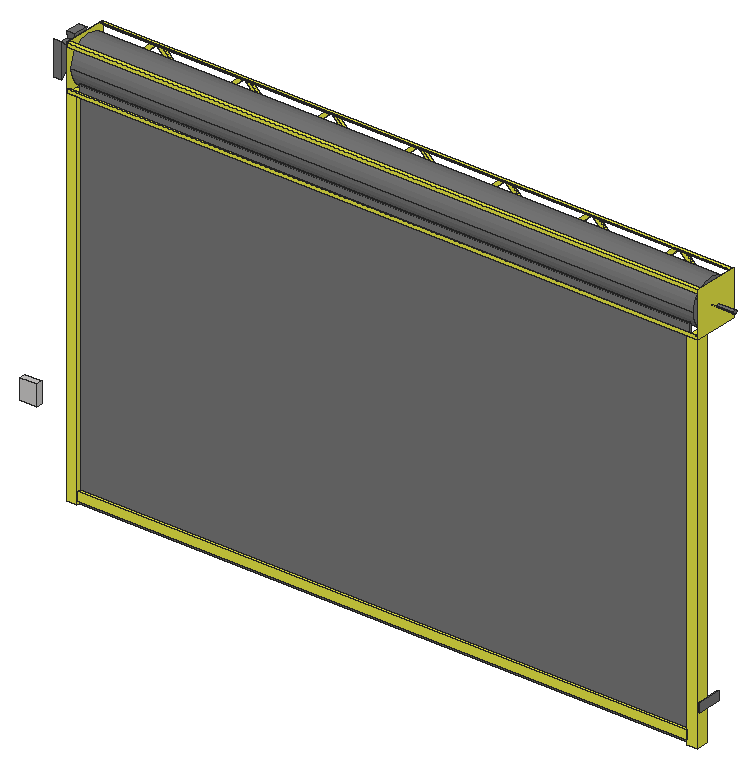
Revit family "CHI_Overhead_MaxSpeed1000_300x180", category Doors, host Wall, Revit 2026
Family settings
  Host = Wall
  Classification Number = 23.30.10.00
  Always vertical = Yes
  Cut with Voids When Loaded = No
  Shared = No
  Room Calculation Point = No
Parameters
  URL = "https://performaxglobal.com/wp-content/uploads/2018/12/MaxSpeed-Brochure.pdf"
  Specification = "https://www.arcat.com/company/c-h-i--overhead-doors-43804/spec"
  SpecWizard = ""
  Sales Information = "https://performaxglobal.com/contact/"
  Product Data = "https://performaxglobal.com/maxspeed/"
  Overall Width = Width + 0' 10"  # 25' - 10"
  Overall Height = Height + 1' 8"  # 16' - 8"
  Model = "MaxSpeed 1000"
  Manufacturer Website = "https://www.chiohd.com/"
  Manufacturer Phone - Toll Free = "800-590-0559"
  Manufacturer Phone = ""
  Manufacturer Fax = "217-543-4454"
  Manufacturer Email = "info@performaxglobal.com"
  Manufacturer Address = "1485 Sunrise Dr., Arthur, IL 61911"
  Manufacturer = "C.H.I. Overhead Doors"
  Installation-Fabrication = "https://performaxglobal.com/wp-content/uploads/2017/06/MaxSpeed-InstallationManual-Web.pdf"
  Green Building-LEED = ""
  Function = Interior
  Frame Projection Ext. = 0' - 0.98425"
  Frame Projection Int. = 0' - 0.98425"
  Frame Width = 0' - 2.95276"
  Height = 15' - 0"
  Wall Closure = By host
  Width = 25' - 0"
  Description = ""
  Construction Details = "https://www.arcat.com/company/c-h-i--overhead-doors-43804/cad"
  Braces = Width / 3' 6"  # 7
  Assembly Code = ""
Reference planes (in)
  plane 1: y = 0
  plane 2 "Center (Left/Right)": x = 0
  plane 3 "Left": x = -150
  plane 4 "Right": x = 150
  plane 5: z = 180
  plane 6 "Exterior": y = 2.95276
  plane 7 "Interior": y = -2.95276
  plane 8: x = 155
  plane 9: x = -155
  plane 10: x = -155.5
  plane 11: y = 8.95276
  plane 12: z = 200
  plane 13: x = 156
  plane 14: x = 149
  plane 15: x = -149
Forms (in)
  Extrusion 1, solid, material "Frame"
    sketch origin (0, 0, 0) x (1, 0, 0) y (0, 1, 0)
      loop
        line (150, 8.95276) -> (150, 2.95276) -> (155, 2.95276) -> (155, 8.95276) -> (150, 8.95276)
    from 0 to 180
  Extrusion 2, solid, material "Frame"
    sketch origin (0, 0, 0) x (-1, 0, 0) y (0, -1, 0)
      loop
        line (150, -8.95276) -> (155, -8.95276) -> (155, -2.95276) -> (150, -2.95276) -> (150, -8.95276)
    from 0 to 180
  Extrusion 3, solid, material "Steel, Paint Finish, Dark Gray, Matte"
    sketch origin (0, 5.20276, 0) x (1, 0, 0) y (0, 0, 1)
      loop
        line (150, 187.5) -> (-150, 187.5) -> (-150, 0) -> (150, 0) -> (150, 187.5)
    from 0 to 0.5
  Extrusion 4, solid, material "Frame"
    sketch origin (0, 0, 0) x (0, 1, 0) y (0, 0, 1)
      loop
        line (8.95276, 2) -> (8.95276, 6.19937) -> (2.95276, 6.19937) -> (2.95276, 2) -> (8.95276, 2)
    from -150 to 150
  Extrusion 5, solid, material "Steel, Paint Finish, Dark Gray, Matte"
    sketch origin (-196.85039, 2.95276, 1.25) x (-1, 0, 0) y (0, 0, 1)
      loop
        line (-352.85039, 19) -> (-352.85039, 14.9559) -> (-351.85039, 14.9559) -> (-351.85039, 19) -> (-352.85039, 19)
    from 0 to 12
  Extrusion 6, solid, material "Steel, Wrought"
    sketch origin (0, 5.375, 0) x (0, 1, 0) y (0, 0, 1)
      loop
        line (0, 53.79309) -> (0, 48.79309) -> (0.61854, 48.79309) -> (0.61854, 53.79309) -> (0, 53.79309)
    from -149 to 149
  Extrusion 7, solid, material "Frame"
    sketch origin (-26.57843, 24.95276, 202) x (1, 0, 0) y (0, 0, -1)
      loop
        line (155.25, 1.75) -> (158.07843, 1.75) -> (176.57843, 20.25) -> (173.75, 20.25) -> (155.25, 1.75)
      loop
        line (154.75, 1.75) -> (136.25, 20.25) -> (133.42157, 20.25) -> (151.92157, 1.75) -> (154.75, 1.75)
    from 0 to 1
  Extrusion 8, solid, material "Frame"
    sketch origin (-283.42157, 24.95276, 202) x (1, 0, 0) y (0, 0, -1)
      loop
        line (155.25, 1.75) -> (158.07843, 1.75) -> (176.57843, 20.25) -> (173.75, 20.25) -> (155.25, 1.75)
      loop
        line (154.75, 1.75) -> (136.25, 20.25) -> (133.42157, 20.25) -> (151.92157, 1.75) -> (154.75, 1.75)
    from 0 to 1
  Extrusion 9, solid, material "Frame"
    sketch origin (-69.38562, 24.95276, 202) x (1, 0, 0) y (0, 0, -1)
      loop
        line (155.25, 1.75) -> (158.07843, 1.75) -> (176.57843, 20.25) -> (173.75, 20.25) -> (155.25, 1.75)
      loop
        line (154.75, 1.75) -> (136.25, 20.25) -> (133.42157, 20.25) -> (151.92157, 1.75) -> (154.75, 1.75)
    from 0 to 1
  Extrusion 10, solid, material "Frame"
    sketch origin (-112.19281, 24.95276, 202) x (1, 0, 0) y (0, 0, -1)
      loop
        line (155.25, 1.75) -> (158.07843, 1.75) -> (176.57843, 20.25) -> (173.75, 20.25) -> (155.25, 1.75)
      loop
        line (154.75, 1.75) -> (136.25, 20.25) -> (133.42157, 20.25) -> (151.92157, 1.75) -> (154.75, 1.75)
    from 0 to 1
  Extrusion 11, solid, material "Frame"
    sketch origin (-155, 24.95276, 202) x (1, 0, 0) y (0, 0, -1)
      loop
        line (155.25, 1.75) -> (158.07843, 1.75) -> (176.57843, 20.25) -> (173.75, 20.25) -> (155.25, 1.75)
      loop
        line (154.75, 1.75) -> (136.25, 20.25) -> (133.42157, 20.25) -> (151.92157, 1.75) -> (154.75, 1.75)
    from 0 to 1
  Extrusion 12, solid, material "Frame"
    sketch origin (-197.80719, 24.95276, 202) x (1, 0, 0) y (0, 0, -1)
      loop
        line (155.25, 1.75) -> (158.07843, 1.75) -> (176.57843, 20.25) -> (173.75, 20.25) -> (155.25, 1.75)
      loop
        line (154.75, 1.75) -> (136.25, 20.25) -> (133.42157, 20.25) -> (151.92157, 1.75) -> (154.75, 1.75)
    from 0 to 1
  Extrusion 13, solid, material "Frame"
    sketch origin (-240.61438, 24.95276, 202) x (1, 0, 0) y (0, 0, -1)
      loop
        line (155.25, 1.75) -> (158.07843, 1.75) -> (176.57843, 20.25) -> (173.75, 20.25) -> (155.25, 1.75)
      loop
        line (154.75, 1.75) -> (136.25, 20.25) -> (133.42157, 20.25) -> (151.92157, 1.75) -> (154.75, 1.75)
    from 0 to 1
Lines and regions (in)
  Opening 1
    outline origin (-120.07874, -2.95276, 0) x (1, 0, 0) y (0, 0, 1)
      loop
        line (-29.92126, 0) -> (270.07874, 0) -> (270.07874, 180) -> (-29.92126, 180) -> (-29.92126, 0)
  symbolic lines, style "Elevation Swing"
    curve 1: line (150, -2.95276, 90) -> (-150, -2.95276, 180)
    curve 2: line (150, -2.95276, 90) -> (-150, -2.95276, 0)
Text (in)
  text "Exterior" at (-90.35496, 43.28909, 0), in view "Ref. Level"
  text "Exterior" at (0, 63.59764, 145.59372), in view "Left"
  text "Exterior" at (0, 40.78868, 152.55637), in view "Right"
Dimensions and locks (in)
  equal spacing: plane 3 "Left", plane 2 "Center (Left/Right)", plane 4 "Right"
  "Width": plane 3 "Left" to plane 4 "Right"
  "Height": plane 5 to host wall
  equal spacing: host wall, curve 2, plane 5
  host wall to plane 5 = 15' - 0"
  locked: plane 6 "Exterior" to host wall at 0
  locked: plane 7 "Interior" to host wall
  locked: plane 4 "Right" to plane 8 at 5
  locked: plane 9 to plane 3 "Left" at 5
  locked: plane 9 to plane 10 at 0.5
  plane 6 "Exterior" to plane 11 = 0' - 6"
  "Overall Height": level to plane 12
  locked: plane 9 to nested 2 at 15.01817
  Extrusion 2 to nested 1 = 1' - 2.76583"
  locked: plane 8 to plane 13 at 1
  locked: plane 14 to plane 4 "Right" at 1
  locked: plane 3 "Left" to plane 15 at 1
  equal spacing: group 2, group 7, group 6, group 5, group 4, group 3, group 1
  equal spacing: group 1, group 3, group 4, group 5, group 6, group 7, group 2  (x2)
  aligned and locked: plane 3 "Left" to Opening 1 sketch curve
  aligned and locked: plane 5 to Opening 1 sketch curve
  aligned and locked: Opening 1 sketch curve to plane 5
  aligned and locked: Opening 1 sketch curve to plane 4 "Right"
  aligned and locked: Opening 1 sketch curve to level
  aligned and locked: curve 1 to plane 5
  aligned and locked: plane 3 "Left" to curve 2
  aligned and locked: host wall to plane 1
  aligned and locked: plane 3 "Left" to curve 1
  aligned and locked: plane 8 to Extrusion 1 sketch curve
  aligned and locked: Extrusion 1 sketch curve to plane 4 "Right"
  aligned and locked: plane 5 to Extrusion 1
  aligned and locked: Extrusion 2 sketch curve to plane 3 "Left"
  aligned and locked: Extrusion 2 sketch curve to plane 9
  aligned and locked: Extrusion 2 to plane 5
  aligned and locked: plane 11 to Extrusion 1
  aligned and locked: Extrusion 2 to Extrusion 1
  aligned and locked: plane 3 "Left" to Extrusion 4
  aligned and locked: Extrusion 4 to plane 4 "Right"
  aligned and locked: nested 1 to plane 2 "Center (Left/Right)"
  aligned and locked: nested 1 to plane 6 "Exterior"
  aligned and locked: nested 1 to plane 5
  aligned and locked: plane 13 to Extrusion 5 sketch curve
  aligned and locked: Extrusion 5 sketch curve to plane 8
  aligned and locked: Extrusion 6 to plane 14
  aligned and locked: plane 15 to Extrusion 6
  aligned and locked: plane 4 "Right" to Extrusion 7
  aligned and locked: plane 3 "Left" to Extrusion 8
Automatic sketch dimensions
  curve 2 to level = 0' - 0"
  plane 4 "Right" to curve 2 = 0' - 0"
  Extrusion 1 sketch curve to host wall = 0' - 0"
  Extrusion 1 sketch curve to plane 11 = 0' - 0"
  Extrusion 2 sketch curve to host wall = 0' - 0"
  Extrusion 2 sketch curve to plane 11 = 0' - 0"
  plane 3 "Left" to Extrusion 3 sketch curve = 0' - 0"
  Extrusion 3 sketch curve to level = 0' - 0"
  plane 4 "Right" to Extrusion 3 sketch curve = 0' - 0"
  Extrusion 3 sketch curve to plane 5 = 0' - 7 1/2"
  Extrusion 4 sketch curve to host wall = 0' - 0"
  Extrusion 4 sketch curve to plane 11 = 0' - 0"
  level to Extrusion 4 sketch curve = 0' - 2"
  Extrusion 4 sketch curve to Extrusion 4 sketch curve = 0' - 4.19937"
  level to Extrusion 5 sketch curve = 1' - 4.2059"
  Extrusion 5 sketch curve to Extrusion 5 sketch curve = 0' - 4.0441"
  Extrusion 6 sketch curve to host wall = 0' - 5 3/8"
  Extrusion 6 sketch curve to host wall = 0' - 5.99354"
  level to Extrusion 6 sketch curve = 4' - 0.79309"
  Extrusion 6 sketch curve to Extrusion 6 sketch curve = 0' - 5"
  Extrusion 7 sketch curve to Extrusion 7 sketch curve = 0' - 3.32843"
  Extrusion 7 sketch curve to Extrusion 7 sketch curve = 1' - 3.67157"  (x2)
  Extrusion 7 sketch curve to Extrusion 7 sketch curve = 0' - 2.82843"  (x3)
  Extrusion 7 sketch curve to Extrusion 7 sketch curve = 0' - 0 1/2"
  Extrusion 7 sketch curve to Extrusion 7 sketch curve = 0' - 0"
  Extrusion 7 sketch curve to Extrusion 7 sketch curve = 1' - 6 1/2"  (x2)
  Extrusion 8 sketch curve to Extrusion 8 sketch curve = 0' - 3.32843"
  Extrusion 8 sketch curve to Extrusion 8 sketch curve = 1' - 3.67157"  (x2)
  Extrusion 8 sketch curve to Extrusion 8 sketch curve = 0' - 2.82843"  (x3)
  Extrusion 8 sketch curve to Extrusion 8 sketch curve = 0' - 0 1/2"
  Extrusion 8 sketch curve to Extrusion 8 sketch curve = 0' - 0"
  Extrusion 8 sketch curve to Extrusion 8 sketch curve = 1' - 6 1/2"  (x2)
  Extrusion 9 sketch curve to Extrusion 9 sketch curve = 0' - 3.32843"
  Extrusion 9 sketch curve to Extrusion 9 sketch curve = 1' - 3.67157"  (x2)
  Extrusion 9 sketch curve to Extrusion 9 sketch curve = 0' - 2.82843"  (x3)
  Extrusion 9 sketch curve to Extrusion 9 sketch curve = 0' - 0 1/2"
  Extrusion 9 sketch curve to Extrusion 9 sketch curve = 0' - 0"
  Extrusion 9 sketch curve to Extrusion 9 sketch curve = 1' - 6 1/2"  (x2)
  Extrusion 10 sketch curve to Extrusion 10 sketch curve = 0' - 3.32843"
  Extrusion 10 sketch curve to Extrusion 10 sketch curve = 1' - 3.67157"  (x2)
  Extrusion 10 sketch curve to Extrusion 10 sketch curve = 0' - 2.82843"  (x3)
  Extrusion 10 sketch curve to Extrusion 10 sketch curve = 0' - 0 1/2"
  Extrusion 10 sketch curve to Extrusion 10 sketch curve = 0' - 0"
  Extrusion 10 sketch curve to Extrusion 10 sketch curve = 1' - 6 1/2"  (x2)
  Extrusion 11 sketch curve to Extrusion 11 sketch curve = 0' - 3.32843"
  Extrusion 11 sketch curve to Extrusion 11 sketch curve = 1' - 3.67157"  (x2)
  Extrusion 11 sketch curve to Extrusion 11 sketch curve = 0' - 2.82843"  (x3)
  Extrusion 11 sketch curve to Extrusion 11 sketch curve = 0' - 0 1/2"
  Extrusion 11 sketch curve to Extrusion 11 sketch curve = 0' - 0"
  Extrusion 11 sketch curve to Extrusion 11 sketch curve = 1' - 6 1/2"  (x2)
  Extrusion 12 sketch curve to Extrusion 12 sketch curve = 0' - 3.32843"
  Extrusion 12 sketch curve to Extrusion 12 sketch curve = 1' - 3.67157"  (x2)
  Extrusion 12 sketch curve to Extrusion 12 sketch curve = 0' - 2.82843"  (x3)
  Extrusion 12 sketch curve to Extrusion 12 sketch curve = 0' - 0 1/2"
  Extrusion 12 sketch curve to Extrusion 12 sketch curve = 0' - 0"
  Extrusion 12 sketch curve to Extrusion 12 sketch curve = 1' - 6 1/2"  (x2)
  Extrusion 13 sketch curve to Extrusion 13 sketch curve = 0' - 3.32843"
  Extrusion 13 sketch curve to Extrusion 13 sketch curve = 1' - 3.67157"  (x2)
  Extrusion 13 sketch curve to Extrusion 13 sketch curve = 0' - 2.82843"  (x3)
  Extrusion 13 sketch curve to Extrusion 13 sketch curve = 0' - 0 1/2"
  Extrusion 13 sketch curve to Extrusion 13 sketch curve = 0' - 0"
  Extrusion 13 sketch curve to Extrusion 13 sketch curve = 1' - 6 1/2"  (x2)
Nested families (in)
  nested 1: "300x 180 Shutter Head" at (0, 24.95276, 180) x (-1, 0, 0) z (0, 0, 1), type "300x 180 Shutter Head"
    with Overall Width 25' - 10"
  nested 2: "Control Panel" at (-170.01817, 0, 36.3858) x (-1, 0, 0) z (0, 0, 1), type "Control Panel"
Definition of nested family "300x 180 Shutter Head"
  Parameters (values of type "300x 180 Shutter Head")
    Overall Width = 20' - 3.47358"
    Default Elevation = 0' - 0"
  Reference planes (in)
    plane 1 "Center (Front/Back)": y = 0
    plane 2: z = 0
    plane 3 "Center (Left/Right)": x = 0
    plane 4: z = 22
    plane 5: y = 22
    plane 6: x = 121.73679
    plane 7: x = -121.73679
    plane 8: x = 119.73679
    plane 9: x = -119.73679
    plane 10: x = -121.98679
    plane 11: x = 121.98679
    plane 12: x = 127.73679
    plane 13: x = 120.98679
    plane 14: z = 7.5
    plane 15: x = -130.73679
    plane 16: x = -120.98679
  Forms (in)
    Extrusion 1, solid
      sketch origin (0, 0, 0) x (1, 0, 0) y (0, 0, 1)
        loop
          line (-121.98679, 22) -> (-121.98679, 0) -> (-121.73679, 0) -> (-121.73679, 22) -> (-121.98679, 22)
      from 0 to -22
    Extrusion 2, solid
      sketch origin (0, 0, 0) x (1, 0, 0) y (0, 0, 1)
        loop
          line (121.73679, 22) -> (121.73679, 0) -> (121.98679, 0) -> (121.98679, 22) -> (121.73679, 22)
      from 0 to -22
    Extrusion 3, solid
      sketch origin (0, 0, 0) x (0, 1, 0) y (0, 0, 1)
        loop
          line (22, 22) -> (20.25, 22) -> (20.25, 21.75) -> (21.75, 21.75) -> (21.75, 20.25) -> (22, 20.25) -> (22, 22)
        loop
          line (0, 22) -> (0, 20.25) -> (0.25, 20.25) -> (0.25, 21.75) -> (1.75, 21.75) -> (1.75, 22) -> (0, 22)
        loop
          line (22, 0) -> (22, 1.75) -> (21.75, 1.75) -> (21.75, 0.25) -> (20.25, 0.25) -> (20.25, 0) -> (22, 0)
        loop
          line (0, 0) -> (1.75, 0) -> (1.75, 0.25) -> (0.25, 0.25) -> (0.25, 1.75) -> (0, 1.75) -> (0, 0)
      from -121.73679 to 121.73679
    Extrusion 4, solid
      sketch origin (-63, -5, 2.375) x (0, -1, 0) y (0, 0, 1)
        loop
          circle (-15, 7.63155) r 3.25
      from -184.73679 to -183.98679
    Extrusion 5, solid
      sketch origin (63, -5, 2.5) x (0, -1, 0) y (0, 0, -1)
        loop
          circle (-15, -7.5) r 0.75
      from -193.73679 to -182.73679
    Extrusion 6, solid
      sketch origin (63, -5, 2.375) x (0, -1, 0) y (0, 0, -1)
        loop
          circle (-15, -7.63155) r 3.25
      from -184.73679 to -183.98679
    Extrusion 7, solid
      sketch origin (0, 0, 0) x (0, 1, 0) y (0, 0, 1)
        loop
          circle (11, 11) r 11
      from -119.73679 to 119.73679
  Lines and regions (in)
    model lines
      curve 1: line (0, 11, 22) -> (0, 11, 0)
      curve 2: line (0, 22, 11) -> (0, 0, 11)
  Dimensions and locks (in)
    equal spacing: plane 6, plane 3 "Center (Left/Right)", plane 7
    "Overall Width": plane 6 to plane 7
    locked: plane 9 to plane 7 at 2
    locked: plane 6 to plane 8 at 2
    locked: plane 7 to plane 10 at 0.25
    locked: plane 6 to plane 11 at 0.25
    locked: plane 12 to plane 6 at 6
    locked: plane 6 to plane 13 at 0.75
    locked: plane 15 to plane 9 at 11
    locked: plane 16 to plane 7 at 0.75
    plane 1 "Center (Front/Back)" to plane 5 = 1' - 10"
    plane 4 to level = 1' - 10"
    aligned and locked: level to plane 2
    aligned and locked: Extrusion 1 sketch curve to plane 7
    aligned and locked: plane 10 to Extrusion 1 sketch curve
    aligned and locked: plane 5 to Extrusion 1
    aligned and locked: plane 1 "Center (Front/Back)" to Extrusion 1
    aligned and locked: plane 6 to Extrusion 2 sketch curve
    aligned and locked: plane 11 to Extrusion 2 sketch curve
    aligned and locked: Extrusion 2 to plane 1 "Center (Front/Back)"
    aligned and locked: plane 5 to Extrusion 2
    aligned and locked: plane 6 to Extrusion 3
    aligned and locked: Extrusion 3 to plane 7
    aligned and locked: Extrusion 5 to plane 9
    aligned and locked: Extrusion 5 to plane 15
    aligned and locked: plane 16 to Extrusion 6
    aligned and locked: Extrusion 6 to plane 7
    aligned and locked: plane 8 to nested 1
    aligned and locked: plane 6 to Extrusion 4
    aligned and locked: Extrusion 4 to plane 13
    aligned and locked: plane 8 to Extrusion 7
    aligned and locked: plane 9 to Extrusion 7
  Automatic sketch dimensions
    Extrusion 1 sketch curve to level = 0' - 0"
    Extrusion 1 sketch curve to plane 4 = 0' - 0"
    Extrusion 2 sketch curve to level = 0' - 0"
    Extrusion 2 sketch curve to plane 4 = 0' - 0"
    Extrusion 3 sketch curve to plane 1 "Center (Front/Back)" = 0' - 0"  (x2)
    Extrusion 3 sketch curve to plane 4 = 0' - 0"  (x2)
    Extrusion 3 sketch curve to level = 0' - 0"  (x2)
    Extrusion 3 sketch curve to plane 5 = 0' - 0"  (x2)
    Extrusion 3 sketch curve to plane 1 "Center (Front/Back)" = 0' - 0 1/4"
    Extrusion 3 sketch curve to Extrusion 3 sketch curve = 0' - 0 1/4"  (x2)
    level to Extrusion 3 sketch curve = 0' - 0 1/4"  (x2)
    Extrusion 3 sketch curve to Extrusion 3 sketch curve = 0' - 1 1/2"  (x4)
    Extrusion 3 sketch curve to plane 5 = 0' - 1 3/4"
    Extrusion 3 sketch curve to Extrusion 3 sketch curve = 0' - 1 3/4"  (x2)
    Extrusion 3 sketch curve to plane 5 = 0' - 0 1/4"  (x2)
    Extrusion 3 sketch curve to plane 4 = 0' - 1 3/4"
    Extrusion 3 sketch curve to plane 4 = 0' - 0 1/4"
    Extrusion 4 sketch curve to plane 14 = 0' - 2.50655"
    Extrusion 4 sketch curve to plane 1 "Center (Front/Back)" = 0' - 10"
    Extrusion 5 sketch curve to plane 14 = 0' - 2 1/2"
    Extrusion 5 sketch curve to plane 1 "Center (Front/Back)" = 0' - 10"
    Extrusion 6 sketch curve to plane 14 = 0' - 2.50655"
    Extrusion 6 sketch curve to plane 1 "Center (Front/Back)" = 0' - 10"
    curve 1 to level = 0' - 0"
    curve 1 to plane 4 = 0' - 0"
    curve 2 to plane 4 = 0' - 11"
    plane 1 "Center (Front/Back)" to curve 2 = 0' - 0"
    curve 2 to plane 1 "Center (Front/Back)" = 1' - 10"
    curve 1 to plane 1 "Center (Front/Back)" = 0' - 11"
    Extrusion 7 sketch curve to plane 14 = 0' - 3 1/2"
    Extrusion 7 sketch curve to plane 1 "Center (Front/Back)" = 0' - 11"
    radius of Extrusion 4 sketch curve = 0' - 3 1/4"
    radius of Extrusion 5 sketch curve = 0' - 0 3/4"
    radius of Extrusion 6 sketch curve = 0' - 3 1/4"
    radius of Extrusion 7 sketch curve = 0' - 11"
  Nested families (in)
    nested 1: "192x168 Shutter Machine" at (130.48679, 3.49855, -72.67237) x (-1, 0, 0) z (0, 0, 1), type "192x168 Shutter Machine"
  Definition of nested family "192x168 Shutter Machine"
    Parameters (values of type "192x168 Shutter Machine")
      Default Elevation = 0' - 0"
    Reference planes (in)
      plane 1 "Center (Front/Back)": y = 0
      plane 2: z = 0
      plane 3 "Center (Left/Right)": x = 0
    Forms (in)
      Extrusion 1, solid
        sketch origin (71.02885, 14.99344, 76.17092) x (0, -1, 0) y (-1, 0, 0)
          loop
            line (7.54503, 67.07741) -> (12.45344, 67.07741)
            arc (12.45344, 67.07741) -> (14.42916, 69.05313) -> (12.45344, 71.02885) r 1.97572
            line (12.45344, 71.02885) -> (7.54503, 71.02885) -> (7.54503, 67.07741)
        from 0 to 14.49855
      Extrusion 2, solid
        sketch origin (71.02885, 10.16031, 76.17092) x (0, -1, 0) y (-1, 0, 0)
          loop
            line (9.65886, 66.32741) -> (15.24935, 66.32741) -> (15.24935, 72.04467) -> (9.65886, 72.04467) -> (9.65886, 66.32741)
        from 0 to 14.76673
      Extrusion 3, solid
        sketch origin (0, 12.09099, 73.17092) x (0, -1, 0) y (0, 0, 1)
          loop
            circle (8, -10.15202) r 2.75
        from -2.50726 to -1.54855
      Extrusion 4, solid
        sketch origin (0, 14.97251, 92.82231) x (0, -1, 0) y (0, 0, 1)
          loop
            line (7.46852, -16.65139) -> (14.46065, -16.65139) -> (13.73514, -14.37754) -> (13.73514, -4.12914) -> (14.75049, -0.9469) -> (7.22512, -0.9469) -> (8.0778, -4.12914) -> (2.42046, -4.12914) -> (-0.77894, -0.92974) -> (-0.77894, -17.57694) -> (2.42046, -14.37754) -> (8.0778, -14.37754) -> (7.46852, -16.65139)
        from -3.95144 to 0
      Extrusion 5, solid
        sketch origin (71.02885, 20.53531, 76.17092) x (0, -1, 0) y (-1, 0, 0)
          loop
            line (7.79527, 66.32741) -> (7.94793, 66.32741) -> (7.94793, 71.02885) -> (7.79527, 71.02885) -> (7.79527, 66.32741)
        from -13.19176 to -1.66873
      Extrusion 6, solid
        sketch origin (8.02885, 14.99344, 68.67092) x (0, 0, -1) y (0, -1, 0)
          loop
            circle (-15, 7.5) r 0.75
        from -2.72115 to 5.52158
      Extrusion 7, solid
        sketch origin (0, 15.49302, 55.51889) x (0, 0, 1) y (0, 1, 0)
          loop
            arc (7.5, -14.65202) -> (10.75, -11.40202) -> (7.5, -8.15202) r 3.25
            line (7.5, -8.15202) -> (-119.43125, -8.15202)
            arc (-119.43125, -8.15202) -> (-122.68125, -11.40202) -> (-119.43125, -14.65202) r 3.25
            line (-119.43125, -14.65202) -> (7.5, -14.65202)
          loop
            arc (7.5, -14.15202) -> (10.25, -11.40202) -> (7.5, -8.65202) r 2.75
            line (7.5, -8.65202) -> (-119.43125, -8.65202)
            arc (-119.43125, -8.65202) -> (-122.18125, -11.40202) -> (-119.43125, -14.15202) r 2.75
            line (-119.43125, -14.15202) -> (7.5, -14.15202)
        from -2.41131 to -1.63729
      Extrusion 8, solid
        sketch origin (71.02885, 8.68121, 76.17092) x (0, -1, 0) y (-1, 0, 0)
          loop
            line (7.44384, 66.32741) -> (7.5423, 66.32741) -> (7.5423, 71.02885) -> (7.44384, 71.02885) -> (7.44384, 66.32741)
        from -12.52225 to -2.27386
    Lines and regions (in)
      model lines
        curve 1: circle (0, 7.50145, 83.67237) r 4.25 normal (-1, 0, 0)
        curve 2: circle (0, 7.50145, 83.67237) r 2.28846 normal (-1, 0, 0)
        curve 3: circle (0, 7.50145, 83.67237) r 0.98077 normal (-1, 0, 0)
        curve 4: line (0, 3.25145, 83.67237) -> (0, 5.21299, 83.67237)
        curve 5: line (0, 5.48944, 82.58201) -> (0, 3.76486, 81.64743)
        curve 6: line (0, 6.40205, 81.66528) -> (0, 5.29242, 80.04157)
        curve 7: line (0, 7.50145, 81.3839) -> (0, 7.50145, 79.42237)
        curve 8: line (0, 5.48944, 84.76272) -> (0, 3.76486, 85.69731)
        curve 9: line (0, 6.40205, 85.67945) -> (0, 5.29242, 87.30316)
        curve 10: line (0, 7.50145, 85.96083) -> (0, 7.50145, 87.92237)
        curve 11: line (0, 11.75145, 83.67237) -> (0, 9.78991, 83.67237)
        curve 12: line (0, 9.51346, 82.58201) -> (0, 11.23804, 81.64743)
        curve 13: line (0, 8.60085, 81.66528) -> (0, 9.71048, 80.04157)
        curve 14: line (0, 9.51346, 84.76272) -> (0, 11.23804, 85.69731)
        curve 15: line (0, 8.60085, 85.67945) -> (0, 9.71048, 87.30316)
        curve 16: line (0, 1.14465, 78.15418) -> (0, 6.97257, 78.15418)
        curve 17: line (0, 1.23736, 79.71207) -> (0, 15.75145, 79.71207)
        curve 18: line (0, 1.24117, 88.6814) -> (0, 7.11478, 88.6814)
        curve 19: line (0, 1.23736, 87.476) -> (0, 15.75145, 87.476)
        curve 20: line (0, 3.80788, 87.476) -> (0, 3.80788, 79.71207)
        curve 21: line (0, 10.73523, 87.476) -> (0, 10.73523, 86.43012)
        curve 22: line (0, 10.73523, 80.91461) -> (0, 10.73523, 79.71207)
        curve 23: circle (1.54855, 4.09099, 63.01889) r 0.75 normal (-1, 0, 0)
        curve 24: circle (2.50726, 4.09099, 63.01889) r 0.75 normal (-1, 0, 0)
        curve 25: line (0, 15.75145, 84.12315) -> (0, 15.00145, 84.12315)
        curve 26: line (0, 15.00145, 84.12315) -> (0, 15.00145, 83.12315)
        curve 27: line (0, 15.00145, 83.12315) -> (0, 15.75145, 83.12315)
    Dimensions and locks (in)
      Extrusion 6 to plane 3 "Center (Left/Right)" = 0' - 10 3/4"
      aligned and locked: level to plane 2
Definition of nested family "Control Panel"
  Parameters (values of type "Control Panel")
    Default Elevation = 0' - 0"
  Reference planes (in)
    plane 1 "Center (Front/Back)": y = 0
    plane 2: z = 0
    plane 3 "Center (Left/Right)": x = 0
  Forms (in)
    Extrusion 1, solid
      sketch origin (-279.36856, 2.95276, -36.8858) x (-1, 0, 0) y (0, 0, 1)
        loop
          line (-279.36856, 46.8858) -> (-287.36856, 46.8858) -> (-287.36856, 36.8858) -> (-279.36856, 36.8858) -> (-279.36856, 46.8858)
      from 0 to 3.04078
    Extrusion 2, solid
      sketch origin (-287.36856, 1.99354, -36.8858) x (-1, 0, 0) y (0, 0, 1)
        loop
          line (-290.09008, 43.65264) -> (-292.19685, 43.65264) -> (-292.19685, 40.59088) -> (-290.09008, 40.59088) -> (-290.09008, 43.65264)
      from 4 to 4.58626
    Extrusion 3, solid
      sketch origin (-284.66867, 1.99354, -34.30257) x (-1, 0, 0) y (0, 0, 1)
        loop
          circle (-291.28645, 42.30588) r 0.5
      from 4 to 4.58626
    Extrusion 4, solid
      sketch origin (-284.66867, 1.99354, -36.80257) x (-1, 0, 0) y (0, 0, 1)
        loop
          circle (-291.28645, 42.30588) r 0.5
      from 4 to 4.58626
    Extrusion 5, solid
      sketch origin (-284.66867, 1.99354, -39.05257) x (-1, 0, 0) y (0, 0, 1)
        loop
          circle (-291.28645, 42.30588) r 0.5
      from 4 to 4.58626
  Dimensions and locks (in)
    aligned and locked: level to plane 2
